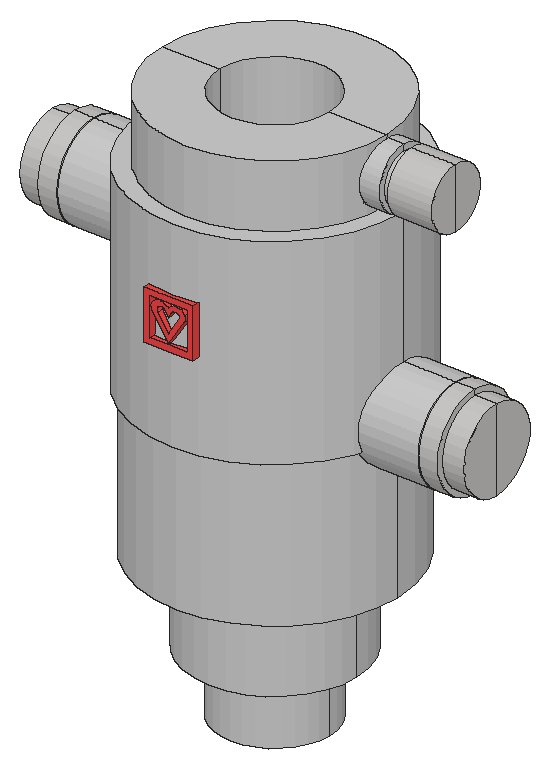
Revit family "Клапан предотвращения обратного потока 0302", category Rohrzubehör, Revit 2018
Family settings
  Bemaßung runder Anschluss = Durchmesser verwenden
  Teiletyp = Unterbricht
  OmniClass-Nummer = 23.65.55.14
  OmniClass-Titel = Valves for Liquid Services
  Arbeitsebenenbasiert = Nein
  Immer vertikal = Ja
  Beim Laden mit Abzugskörper schneiden = Nein
  Gemeinsam genutzt = Nein
Parameters (values of type "DN15 (3/4"-3/4")")
  Уплотнение = "EPDM"  # constant formula
  Примечание = "В соответствии со статьей 33 Регламента REACH (Registration; Evaluation; Authorisation; Restriction of Chemicals) (EC № 1907/2006) мы обязаны указать, что свинец внесен в список SVHC (Substances of Very High Concern - вещества очень высокой важности) и весовой процент свинца во всех латунных компонентах заводского изготовления в наших изделиях, превышает 0,1 % (w/w) (CAS: 7439-92-1 / EINECS: 231-100-4).\r\nПоскольку свинец является легирующим компонентом сплава, прямое негативное влияние исключается, и поэтому дополнительной информации о безопасном использовании не требуется."
  Область применения = "Клапан предотвращения обратного потока устанавливается на водоразборной арматуре с подключение под шланг.\r\nБлагодаря своей компактной конструкции клапан применяется в тех случаях, когда необходима привязка к сточным водам."
  Макс. рабочее давление = 1000000.0 Pa  # constant formula
  Макс. рабочая температура = 65 °C  # constant formula
  Корпус = "штампованная латунь (CW617N), хромированная"  # constant formula
  Макс. допустимая рабочая температура (кратковременно) = 80 °C  # constant formula
  Исполнение = "Клапан предотвращения обратного потока ВА разработан согласно требованиям нормы DIN EN 1717.\r\nСогласно этой нормы качество воды, в зависимости от степени загрязнения, разделяется на 5 категорий.\r\nКлапан предотвращения обратного потока типа ВА обеспечивает защиту от непитьевой воды до 4 категории, - это самый высокий класс защиты, который может обеспечить арматура.\r\nКлапан предотвращения обратного потока укомплектован стопорным болтом и фильтрующим элементом от загрязнения.\r\nЭтот фильтрующий диск должен быть правильно установлен на арматуре.\r\nНа него сверху устанавливается уплотнение.\r\nУстановка фильтра-грязевика перед клапаном предотвращения обратного потока помогает обеспечить его долгий срок службы.\r\nКлапан предотвращения обратного потока может быть установлен только в вертикальном положении.\r\nHERZ-клапан предотвращения обратного потока морозоустойчивый."
  URL = "www.herz-armaturen.ru"
  Картридж клапана предотвращения обратного потока = "высококачественный устойчивый к известковому налету пластик"  # constant formula
  SCTWSEQ = "AW;SBT_TYP_AW=\"104\";2"
  SCTWCODE = "04;12;02"  # constant formula
  S03 = 29.00 mm  # constant formula
  S02 = 53.00 mm  # constant formula
  S01 = 13.00 mm  # constant formula
  NennweiteEin [instance] = if([20_20], 20.00 mm, if([25_20], 25.00 mm, if([25_25], 25.00 mm, 0.00 mm)))  # 20.00 mm
  NennweiteAus [instance] = if([20_20], 20.00 mm, if([25_20], 20.00 mm, if([25_25], 25.00 mm, 0.00 mm)))  # 20.00 mm
  Среда = "вода (не пар)"  # constant formula
  LO01 = 70.00 mm  # constant formula
  IG (ein) [instance] = NennweiteEin / 2  # 10.00 mm
  Hersteller = "HERZ Armaturen Ges.m.b.H."  # constant formula
  H09 = 7.50 mm  # constant formula
  H08 = 24.50 mm  # constant formula
  H07 = 8.50 mm  # constant formula
  H06 = 57.50 mm  # constant formula
  H05 = 6.00 mm  # constant formula
  H04 = 11.50 mm  # constant formula
  H03 = 54.00 mm  # constant formula
  H02 = 27.00 mm  # constant formula
  H01 = 102.00 mm  # constant formula
  GT (IG) [instance] = if([20_20], 11.30 mm, if([25_20], 12.50 mm, if([25_25], 12.50 mm, 0.00 mm)))  # 11.30 mm
  GT (AG) [instance] = if([20_20], 11.30 mm, if([25_20], 12.50 mm, if([25_25], 12.50 mm, 0.00 mm)))  # 11.30 mm
  Положение при монтаже = "вертикальное"  # constant formula
  D10 = 4.00 mm  # constant formula
  D09 = 40.50 mm  # constant formula
  D08 = 4.50 mm  # constant formula
  D07 = 5.50 mm  # constant formula
  D06 = 33.00 mm  # constant formula
  D05 [instance] = (NennweiteEin / 2) + 1.00 mm  # 11.00 mm
  D04 = 15.00 mm  # constant formula
  D03 = 22.50 mm  # constant formula
  D02 = 23.50 mm  # constant formula
  D01 = 20.50 mm  # constant formula
  Номер заказа = if([20_20], "I030202", if([25_20], "I030203", if([25_25], "I030213", "0")))  # "I030202"
  AG (aus) [instance] = NennweiteAus / 2  # 10.00 mm
  25_25 = no
  25_20 = no
  20_20 = yes
Types (4, lengths in mm): name | NennweiteEin | NennweiteAus | IG (ein) | GT (IG) | GT (AG) | D05 | Номер заказа | AG (aus) | 25_25 | 25_20 | 20_20
  (no name) | 20.00 | 20.00 | 10.00 | 11.30 | 11.30 | 11.00 | "I030202" | 10.00 | no | no | yes
  DN15 (3/4"-3/4") | 20.00 | 20.00 | 10.00 | 11.30 | 11.30 | 11.00 | "I030202" | 10.00 | no | no | yes
  DN20 (1"-3/4") | 25.00 | 20.00 | 12.50 | 12.50 | 12.50 | 13.50 | "I030203" | 10.00 | no | yes | no
  DN20 (1"-1") | 25.00 | 25.00 | 12.50 | 12.50 | 12.50 | 13.50 | "I030213" | 12.50 | yes | no | no
Reference planes
  plane 1 "Mitte (Vorne/hinten)": y = 0
  plane 2: z = 0
  plane 3 "Mitte (Links/rechts)": x = 0
Forms (mm)
  Revolve 1, solid, material "Messing, vernickelt", detail levels fine
    sketch origin (0, 0, 0) x (1, 0, 0) y (0, 0, 1)
      loop
        line (0, 0) -> (0, 90.7) -> (-10, 90.7) -> (-10, 102) -> (-20.5, 102) -> (-20.5, 90.5) -> (-23.5, 90.5) -> (-23.5, 54) -> (-22.5, 54) -> (-22.5, 27) -> (-15, 27) -> (-15, 11.3) -> (-10, 11.3) -> (-10, 0) -> (0, 0)
      axis (0, 102) -> (0, 0)
    angle from 0 to 360
  Revolve 2, solid, material "Messing, vernickelt", detail levels fine
    sketch origin (0, 0, 0) x (1, 0, 0) y (0, 0, 1)
      loop
        line (11, 101.5) -> (11, 96) -> (23.5, 96) -> (23.5, 101.5) -> (11, 101.5)
      axis (11, 96) -> (23.5, 96)
    angle from 0 to 360
  Revolve 3, solid, material "Messing, vernickelt", detail levels fine
    sketch origin (0, 0, 0) x (1, 0, 0) y (0, 0, 1)
      loop
        line (0, 66) -> (0, 57.5) -> (33, 57.5) -> (33, 66) -> (0, 66)
      axis (33, 57.5) -> (0, 57.5)
    angle from 0 to 360
  Revolve 4, solid, material "Messing, vernickelt", detail levels fine
    sketch origin (0, 0, 0) x (1, 0, 0) y (0, 0, 1)
      loop
        line (0, 77.5) -> (0, 86) -> (-33, 86) -> (-33, 77.5) -> (0, 77.5)
      axis (-33, 77.5) -> (0, 77.5)
    angle from 0 to 360
  Revolve 5, solid, material "Edelstahl", detail levels fine
    sketch origin (0, 0, 0) x (1, 0, 0) y (0, 0, 1)
      loop
        line (23.5, 96) -> (33, 96) -> (33, 101.5) -> (25, 101.5) -> (25, 100.5) -> (23.5, 100.5) -> (23.5, 96)
      axis (23.5, 96) -> (33, 96)
    angle from 0 to 360
  Revolve 6, solid, material "Edelstahl", detail levels fine
    sketch origin (0, 0, 0) x (1, 0, 0) y (0, 0, 1)
      loop
        line (33, 57.5) -> (40.5, 57.5) -> (40.5, 65) -> (36.5, 65) -> (36.5, 66) -> (33, 66) -> (33, 57.5)
      axis (33, 57.5) -> (40.5, 57.5)
    angle from 0 to 360
  Revolve 7, solid, material "Edelstahl", detail levels fine
    sketch origin (0, 0, 20) x (-1, 0, 0) y (0, 0, 1)
      loop
        line (33, 57.5) -> (40.5, 57.5) -> (40.5, 65) -> (36.5, 65) -> (36.5, 66) -> (33, 66) -> (33, 57.5)
      axis (33, 57.5) -> (40.5, 57.5)
    angle from 0 to 360
Lines and regions (mm)
  model lines, detail levels coarse+medium
    curve 1: line (-23.5, 0, 102) -> (23.5, 0, 102)
    curve 2: line (-23.5, 0, 0) -> (-23.5, 0, 102)
    curve 3: line (23.5, 0, 0) -> (-23.5, 0, 0)
    curve 4: line (23.5, 0, 102) -> (23.5, 0, 0)
    curve 5: line (-10.5, 0, 102) -> (-10.5, 0, 49)
    curve 6: line (-10.5, 0, 29) -> (-10.5, 0, 0)
    curve 7: line (10.5, 0, 102) -> (10.5, 0, 49)
    curve 8: line (10.5, 0, 29) -> (10.5, 0, 0)
    curve 9: line (0, 23.5, 102) -> (0, -23.5, 102)
    curve 10: line (0, 23.5, 0) -> (0, 23.5, 102)
    curve 11: line (0, -23.5, 0) -> (0, 23.5, 0)
    curve 12: line (0, -23.5, 102) -> (0, -23.5, 0)
    curve 13: line (0, 10.5, 102) -> (0, 10.5, 49)
    curve 14: line (0, 10.5, 29) -> (0, 10.5, 0)
    curve 15: line (0, -10.5, 102) -> (0, -10.5, 49)
    curve 16: line (0, -10.5, 29) -> (0, -10.5, 0)
Dimensions and locks
  "H01": Revolve 1 sketch curve to plane 2
  "IG (ein)": Revolve 1 sketch curve to plane 3 "Mitte (Links/rechts)"
  "AG (aus)": Revolve 1 sketch curve to plane 3 "Mitte (Links/rechts)"
  "GT (IG)": Revolve 1 sketch curve to Revolve 1 sketch curve
  "GT (AG)": Revolve 1 sketch curve to Revolve 1 sketch curve
  "D01": Revolve 1 sketch curve to plane 3 "Mitte (Links/rechts)"
  "D02": plane 3 "Mitte (Links/rechts)" to Revolve 1 sketch curve
  "D03": Revolve 1 sketch curve to plane 3 "Mitte (Links/rechts)"
  "D04": Revolve 1 sketch curve to plane 3 "Mitte (Links/rechts)"
  "H02": Revolve 1 sketch curve to plane 2
  "H03": Revolve 1 sketch curve to plane 2
  "H04": Revolve 1 sketch curve to Revolve 1 sketch curve
  "H05": Revolve 1 to Revolve 2 sketch curve
  "D02": Revolve 2 sketch curve to plane 3 "Mitte (Links/rechts)"
  "D05": Revolve 2 sketch curve to plane 3 "Mitte (Links/rechts)"
  "H06": Revolve 3 sketch curve to plane 2
  "H07": Revolve 3 sketch curve to Revolve 3 sketch curve
  "D06": Revolve 3 sketch curve to plane 3 "Mitte (Links/rechts)"
  "D06": plane 3 "Mitte (Links/rechts)" to Revolve 4 sketch curve
  "H07": Revolve 4 sketch curve to Revolve 4 sketch curve
  "H08": Revolve 1 to Revolve 4 sketch curve
  "D06": Revolve 5 sketch curve to plane 3 "Mitte (Links/rechts)"
  Revolve 5 sketch curve to Revolve 5 sketch curve = 1.50 mm
  "D02": Revolve 5 sketch curve to plane 3 "Mitte (Links/rechts)"
  "D07": Revolve 5 sketch curve to Revolve 5 sketch curve
  "H05": Revolve 1 to Revolve 5 sketch curve
  "D07": Revolve 2 sketch curve to Revolve 2 sketch curve
  "D08": Revolve 5 sketch curve to Revolve 5 sketch curve
  "D06": plane 3 "Mitte (Links/rechts)" to Revolve 6 sketch curve
  "D09": Revolve 6 sketch curve to plane 3 "Mitte (Links/rechts)"
  "D10": Revolve 6 sketch curve to Revolve 6 sketch curve
  "H07": Revolve 6 sketch curve to Revolve 6 sketch curve
  "H09": Revolve 6 sketch curve to Revolve 6 sketch curve
  "D10": Revolve 7 sketch curve to Revolve 7 sketch curve
  "H07": Revolve 7 sketch curve to Revolve 7 sketch curve
  "H09": Revolve 7 sketch curve to Revolve 7 sketch curve
  "H08": Revolve 1 to Revolve 7 sketch curve
  "D06": plane 3 "Mitte (Links/rechts)" to Revolve 7 sketch curve
  "D09": plane 3 "Mitte (Links/rechts)" to Revolve 7 sketch curve
  "D02": nested 1 to plane 1 "Mitte (Vorne/hinten)"
  "LO01": nested 1 to plane 2
  "H01": curve 1 to plane 2
  "D02": curve 4 to plane 3 "Mitte (Links/rechts)" to curve 2
  "S01": curve 2 to curve 5
  "S01": curve 7 to curve 4
  "S01": curve 6 to curve 2
  "S01": curve 8 to curve 4
  "S02": curve 1 to curve 7
  "S02": curve 1 to curve 5
  "S03": curve 8 to curve 3
  "S03": curve 6 to curve 3
  "H01": curve 9 to plane 2
  "S03": curve 16 to plane 2
  "S02": curve 15 to curve 9
  "S01": curve 15 to curve 12
  "S01": curve 10 to curve 13
  "D02": curve 10 to plane 1 "Mitte (Vorne/hinten)" to curve 12
  "S01": curve 10 to curve 14
  "S01": curve 16 to curve 12
  "S03": curve 14 to plane 2
  "S02": curve 13 to curve 9
  aligned and locked: level to plane 2
Automatic sketch dimensions
  curve 16 to level = 0.00 mm
  curve 8 to level = 0.00 mm
  Revolve 1 sketch curve to plane 3 "Mitte (Links/rechts)" = 0.00 mm  (x2)
  Revolve 1 sketch curve to level = 0.00 mm
  Revolve 1 sketch curve to level = 366.045 mm
  Revolve 1 sketch curve to Revolve 1 sketch curve = 2112.315 mm
  Revolve 2 sketch curve to Revolve 2 sketch curve = 0.00 mm  (x3)
  Revolve 3 sketch curve to plane 3 "Mitte (Links/rechts)" = 0.00 mm  (x2)
  Revolve 3 sketch curve to Revolve 3 sketch curve = 0.00 mm  (x2)
  Revolve 4 sketch curve to plane 3 "Mitte (Links/rechts)" = 0.00 mm  (x2)
  Revolve 4 sketch curve to Revolve 4 sketch curve = 0.00 mm  (x2)
  Revolve 5 sketch curve to Revolve 5 sketch curve = 0.00 mm  (x3)
  level to Revolve 6 sketch curve = 57.50 mm
  Revolve 6 sketch curve to Revolve 6 sketch curve = 0.00 mm  (x3)
  Revolve 7 sketch curve to Revolve 7 sketch curve = 0.00 mm  (x3)
Nested families
  nested 1: "Herz-Logo-vorne" at (0, -23.5, 74.5) x (0, 1, 0) z (0, 0, 1), type "Herz-Logo-vorne", detail levels fine
Connectors
  piping at (0, 0, 90.7), diameter 20, driven by "NennweiteEin"
    settings: on Revolve 1, index 1, connector inside diameter 609.6 mm, connector length 0.00 mm, flow factor 0, pipe flow 0.0 L/s, pressure drop 0.0 Pa, fitting loss kfactor 0, connector angle 0.00°, fixture units 0, engagement length 0.00 mm, angle of deflection 0.00°, flow configuration 0, flow direction 1, fitting loss method 0, system type 29, joint type 0, gender type 0, connector reference index -1, connector utility 0, adjustable connector no, is connector primary yes, connector description ""
  piping at (0, 0, 0), diameter 20, driven by "NennweiteAus"
    settings: on Revolve 1, index 2, connector inside diameter 609.6 mm, connector length 0.00 mm, flow factor 0, pipe flow 0.0 L/s, pressure drop 0.0 Pa, fitting loss kfactor 0, connector angle 0.00°, fixture units 0, engagement length 0.00 mm, angle of deflection 0.00°, flow configuration 0, flow direction 2, fitting loss method 0, system type 29, joint type 0, gender type 0, connector reference index -1, connector utility 0, adjustable connector no, is connector primary no, connector description ""
Definition of nested family "Herz-Logo-vorne"
  Reference planes
    plane 1 "Mitte (Vorne/hinten)": y = 0
    plane 2: z = 0
    plane 3 "Mitte (Links/rechts)": x = 0
  Forms (mm)
    Extrusion 1, solid
      sketch origin (0.732, -0.018, 0.017) x (0, -1, 0) y (0, 0, 1)
        loop
          line (-0.018, -4.517) -> (4.482, -4.517) -> (4.482, 4.483) -> (-4.518, 4.483) -> (-4.518, -4.517) -> (-0.018, -4.517)
        loop
          line (-0.05, -3.48) -> (3.482, -3.48) -> (3.482, 3.483) -> (-3.518, 3.483) -> (-3.518, -3.48) -> (-0.05, -3.48)
        loop
          arc (-0.018, 2.383) -> (-1.543, 3.287) -> (-3.067, 2.383) r 1.738
          arc (-3.067, 2.383) -> (-3.191, 1.899) -> (-3.067, 1.415) r 1.009
          line (-3.067, 1.415) -> (-0.018, -3.281) -> (3.032, 1.415)
          arc (3.032, 1.415) -> (3.156, 1.899) -> (3.032, 2.383) r 1.009
          arc (3.032, 2.383) -> (1.507, 3.287) -> (-0.018, 2.383) r 1.738
        loop
          arc (1.885, 1.272) -> (2.005, 1.675) -> (1.885, 2.079) r 0.74
          arc (1.885, 2.079) -> (1.265, 2.416) -> (0.644, 2.079) r 0.74
          line (0.644, 2.079) -> (-0.018, 0.97) -> (-0.679, 2.079)
          arc (-0.679, 2.079) -> (-1.3, 2.416) -> (-1.921, 2.079) r 0.74
          arc (-1.921, 2.079) -> (-2.04, 1.675) -> (-1.921, 1.272) r 0.74
          line (-1.921, 1.272) -> (-0.018, -1.658) -> (1.885, 1.272)
      from 0 to 1.5
  Dimensions and locks
    aligned and locked: level to plane 2
